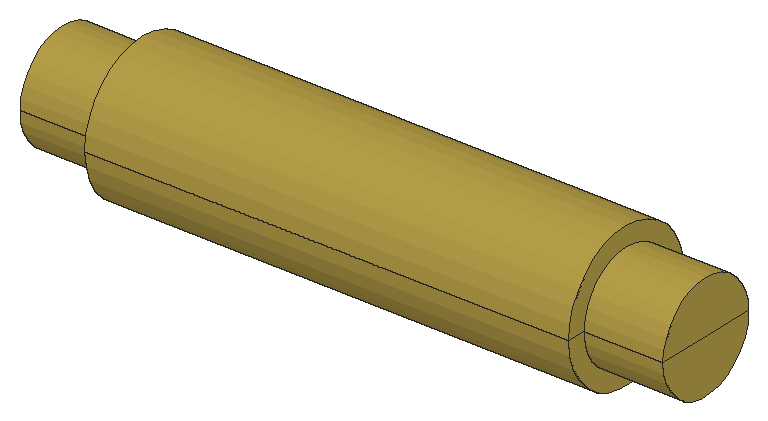
Revit family "Монтажная вставка", category Арматура трубопроводов, Revit 2020
Family settings
  Размер круглого соединителя = Использовать диаметр
  Тип детали = Клапан - Вставляется
  На основе рабочей плоскости = Нет
  Всегда вертикально = Да
  При загрузке вырезать с полостями = Нет
  Общий = Нет
Parameters
  Отметка по умолчанию = 0 mm
  Изготовитель = "Weser"  # constant formula
  Видимость [instance] = yes
  URL = "https://www.weser.ru/about/documentation/"
  L = 91 mm
  ADSK_Расход жидкости [instance] = 1.5 m³/h
  ADSK_Потеря давления жидкости [instance] = 25.0 kPa
  ADSK_Позиция [instance] = ""
  ADSK_Обозначение [instance] = ""
  ADSK_Наименование [instance] = "Монтажная вставка"
  ADSK_Материал = Латунь
  ADSK_Масса_Текст [instance] = ""
  ADSK_Масса [instance] = 0
  ADSK_Количество = 1  # constant formula
  ADSK_Код изделия [instance] = ""
  ADSK_Завод-изготовитель = Изготовитель  # "Weser"
  ADSK_Единица измерения = "шт"  # constant formula
  ADSK_URL документации изделия = ""
Reference planes
  plane 1 "По центру (Вперед/Назад)": y = 0
  plane 2: z = 0
  plane 3 "По центру (Влево/Вправо)": x = 0
  plane 4: x = -45.5
  plane 5: x = 45.5
  plane 6: x = -60.5
  plane 7: x = 60.5
  plane 8: y = 13.5
  plane 9: y = 10
  plane 10: x = 0
Forms (mm)
  Revolve 1, solid, material "Латунь" <- "ADSK_Материал", visible <- "Видимость", detail levels fine
    sketch origin (0, 0, 0) x (1, 0, 0) y (0, 1, 0)
      loop
        line (-60.5, 0) -> (60.5, 0) -> (60.5, 10) -> (45.5, 10) -> (45.5, 13.5) -> (-45.5, 13.5) -> (-45.5, 10) -> (-60.5, 10) -> (-60.5, 0)
      axis (60.5, 0) -> (-60.5, 0)
    angle from 0 to 360
Lines and regions (mm)
  model lines, visible <- "Видимость", detail levels coarse+medium
    curve 1: line (-45.5, 0, 0) -> (45.5, 0, 0)
Dimensions and locks
  equal spacing: plane 4, plane 3 "По центру (Влево/Вправо)", plane 5
  "L": plane 4 to plane 5
  plane 6 to plane 4 = 15 mm
  plane 5 to plane 7 = 15 mm
  locked: plane 8 to plane 1 "По центру (Вперед/Назад)" at 13.5
  locked: plane 1 "По центру (Вперед/Назад)" to plane 9 at 10
  aligned and locked: level to plane 2
  aligned and locked: Revolve 1 sketch curve to plane 6
  aligned and locked: plane 4 to Revolve 1 sketch curve
  aligned and locked: plane 5 to Revolve 1 sketch curve
  aligned and locked: Revolve 1 sketch curve to plane 7
  aligned and locked: Revolve 1 sketch curve to plane 9  (x2)
  aligned and locked: Revolve 1 sketch curve to plane 8
  aligned and locked: Revolve 1 sketch curve to plane 1 "По центру (Вперед/Назад)"  (x2)
  aligned and locked: plane 10 to plane 3 "По центру (Влево/Вправо)"
Automatic sketch dimensions
  plane 6 to Revolve 1 sketch curve = 5 mm
  Revolve 1 sketch curve to Revolve 1 sketch curve = 12.634 mm
  plane 1 "По центру (Вперед/Назад)" to curve 1 = 0 mm
  curve 1 to plane 4 = 0 mm
  curve 1 to plane 5 = 0 mm
Connectors
  piping at (60.5, 0, 0), diameter 15
    settings: on Revolve 1, index 1, connector inside diameter 609.6 mm, connector length 0 mm, flow factor 0, pipe flow 0.0 m³/h, pressure drop 0.0 kPa, fitting loss kfactor 0, connector angle 0.00°, fixture units 0, engagement length 0 mm, angle of deflection 0.00°, flow configuration 0, flow direction 0, fitting loss method 0, system type 28, joint type 0, gender type 0, connector reference index 2, connector utility 0, adjustable connector no, is connector primary yes, connector description ""
  piping at (-60.5, 0, 0), diameter 15
    settings: on Revolve 1, index 2, connector inside diameter 609.6 mm, connector length 0 mm, flow factor 0, pipe flow 0.0 m³/h, pressure drop 0.0 kPa, fitting loss kfactor 0, connector angle 0.00°, fixture units 0, engagement length 0 mm, angle of deflection 0.00°, flow configuration 0, flow direction 0, fitting loss method 0, system type 28, joint type 0, gender type 0, connector reference index 1, connector utility 0, adjustable connector no, is connector primary no, connector description ""
